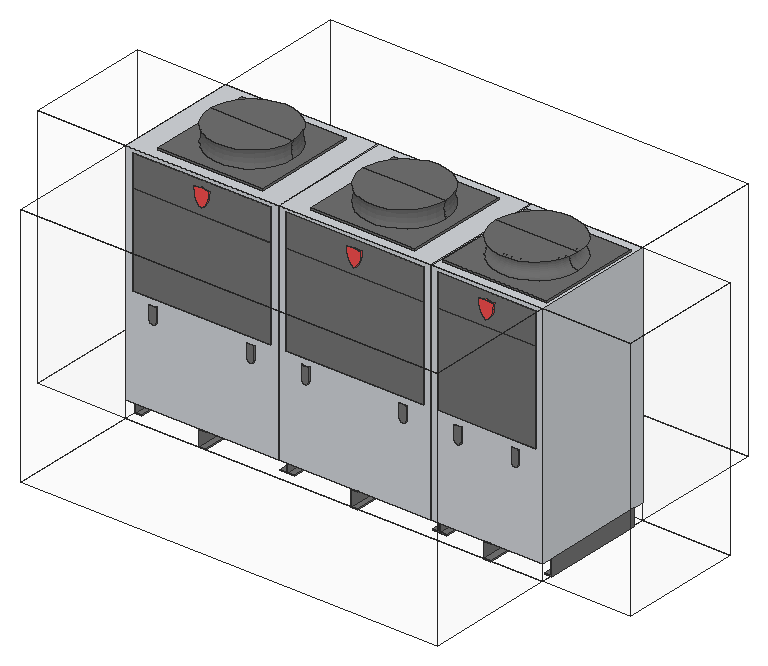
Revit family "Air Source 350,000 BTU", category Mechanical Equipment, Revit 2018
Family settings
  Round Connector Dimension = Use Diameter
  Part Type = Normal
  Work Plane-Based = No
  Always vertical = Yes
  Cut with Voids When Loaded = No
  Shared = No
  Room Calculation Point = No
Parameters (values of type "350,000 BTU")
  WEIGHT = "2,095"
  WATER CONN SIZE = 1 1/2"
  UNIT WIDTH = 41 5/8"
  UNIT LENGTH = 34"
  URL = ""
  SES BIM Studio # = "23 0649 01"
  Manufacturer = "Lochinvar"
  Lbs.R513a = "40"
  Description = "Air Source Heat Pump Water Heater"
  Compressor Type = "Scroll"
  Clearance Right = 24"
  Clearance Rear = 36"
  Clearance Left = 24"
  Clearance Front = 36"
  Clearance [instance] = yes
  BTUH Heating = "332,321"
  Air Volume (CFM) = "7,683"
  440V-480V/3PH/60HZ RLA = "88"
  440V-480V/3PH/60HZ MOCP = "110"
  440V-480V/3PH/60HZ MCA = "110"
Reference planes (in)
  plane 1 "Unit Back": y = 0
  plane 2: z = 0
  plane 3 "Center (Left/Right)": x = 0
  plane 4 "Support Top": z = 4.5
  plane 5 "Unit Body Top": z = 66.75
  plane 6 "Fan Top": z = 71.75
  plane 7 "Fan Center": y = -17
  plane 8 "Unit Front": y = -34
  plane 9 "Unit Body Plate Top": z = 67.25
  plane 10 "Unit Right": x = 20.8125
  plane 11 "Unit Left": x = -20.8125
  plane 12 "Water Inlet Center": z = 7.5
  plane 13 "Water Outlet Center": z = 13.5
  plane 14 "Water Inlet/Outlet Center": x = -1.3125
  plane 15 "Flange Back": y = 4.5
  plane 16 "Pipe Back": y = 4.25
  plane 17 "Support Front": y = -31
  plane 18 "Support Back": y = -3
  plane 19: x = 11.25
  plane 20: x = -11.25
  plane 21: x = -2
  plane 22: x = 2
  plane 23: x = -14.25
  plane 24: x = 14.25
  plane 25: y = -2.75
  plane 26: y = -31.25
  plane 27: y = -70
  plane 28: y = 36
  plane 29: x = 117.0625
  plane 30: x = -44.8125
  plane 31: x = 93.0625
Forms (in)
  Extrusion 1, solid
    sketch origin (0, 0, 4.5) x (-1, 0, 0) y (0, -1, 0)
      loop
        line (20.8125, 0) -> (20.8125, 34) -> (-20.8125, 34) -> (-20.8125, 0) -> (20.8125, 0)
    from 0 to 62.25
  Revolve 2, solid, material "Grille/Fan/Supports"
    sketch origin (0, -17, 0) x (-1, 0, 0) y (0, 0, 1)
      loop
        line (0, 71.75) -> (-11.25, 71.75)
        arc (-11.25, 71.75) -> (-10.8028, 69.5) -> (-11.25, 67.25) r 5.88383
        line (-11.25, 67.25) -> (0, 67.25) -> (0, 71.75)
      axis (0, 71.75) -> (0, 67.25)
    angle from 0 to 360
  Extrusion 3, solid, material "Grille/Fan/Supports"
    sketch origin (0, 0, 66.75) x (-1, 0, 0) y (0, -1, 0)
      loop
        line (14.25, 2.75) -> (14.25, 31.25) -> (-14.25, 31.25) -> (-14.25, 2.75) -> (14.25, 2.75)
    from 0 to 0.5
  Extrusion 4, solid
    sketch origin (-20.8125, 0, 4.5) x (1, 0, 0) y (0, 0, -1)
      loop
        circle (19.5, -3) r 0.75
      loop
        circle (19.5, -9) r 0.75
    from 0 to 4.25
  Extrusion 5, solid
    sketch origin (-20.8125, 4.25, 4.5) x (1, 0, 0) y (0, 0, -1)
      loop
        circle (19.5, -9) r 2.25
      loop
        circle (19.5, -3) r 2.25
    from 0 to 0.25
  Extrusion 6, solid, material "Grille/Fan/Supports"
    sketch origin (0, -31, 0) x (-1, 0, 0) y (0, 0, 1)
      loop
        line (20.8125, 4.5) -> (18.8125, 4.5) -> (18.8125, 4.3125) -> (20.625, 4.3125) -> (20.625, 0.1875) -> (18.8125, 0.1875) -> (18.8125, 0) -> (20.8125, 0) -> (20.8125, 4.5)
      loop
        line (-20.8125, 4.5) -> (-20.8125, 0) -> (-18.8125, 0) -> (-18.8125, 0.1875) -> (-20.625, 0.1875) -> (-20.625, 4.3125) -> (-18.8125, 4.3125) -> (-18.8125, 4.5) -> (-20.8125, 4.5)
    from 0 to 28
  Extrusion 7, solid, material "Grille/Fan/Supports"
    sketch origin (0, -34, 0) x (-1, 0, 0) y (0, 0, 1)
      loop
        line (1, 4.5) -> (-1, 4.5) -> (-1, 4.3125) -> (0.8125, 4.3125) -> (0.8125, 0.1875) -> (-1, 0.1875) -> (-1, 0) -> (1, 0) -> (1, 4.5)
    from 0 to 34
  Extrusion 8, solid, material "Grille/Fan/Supports"
    sketch origin (20.8125, -34, 4.5) x (-1, 0, 0) y (0, 0, -1)
      loop
        line (35.125, -25.6875) -> (35.125, -22.1875)
        arc (35.125, -22.1875) -> (34.125, -21.1875) -> (33.125, -22.1875) r 1
        line (33.125, -22.1875) -> (33.125, -25.6875) -> (35.125, -25.6875)
      loop
        line (6.5, -25.6875) -> (8.5, -25.6875) -> (8.5, -22.1875)
        arc (8.5, -22.1875) -> (7.5, -21.1875) -> (6.5, -22.1875) r 1
        line (6.5, -22.1875) -> (6.5, -25.6875)
    from 0 to 0.1875
  Extrusion 9, void
    sketch origin (20.8125, -34, 4.5) x (1, 0, 0) y (0, 0, -1)
      loop
        line (-39.625, -52.5) -> (-2, -52.5) -> (-2, -27.5) -> (-39.625, -27.5) -> (-39.625, -52.5)
    from 0 to 1
  Extrusion 10, solid, material "Grille/Fan/Supports"
    sketch origin (20.8125, -33, 4.5) x (-1, 0, 0) y (0, 0, -1)
      loop
        line (39.625, -52.5) -> (39.625, -27.5) -> (2, -27.5) -> (2, -52.5) -> (39.625, -52.5)
    from 0 to 1
  Extrusion 11, void
    sketch origin (20.8125, -34, 4.5) x (1, 0, 0) y (0, 0, -1)
      loop
        line (-39.625, -61.25) -> (-2, -61.25) -> (-2, -52.5) -> (-39.625, -52.5) -> (-39.625, -61.25)
    from 0 to 1
  Extrusion 12, solid, material "Grille/Fan/Supports"
    sketch origin (20.8125, -33, 4.5) x (-1, 0, 0) y (0, 0, -1)
      loop
        line (39.625, -61.25) -> (39.625, -52.5) -> (2, -52.5) -> (2, -61.25) -> (39.625, -61.25)
    from 0 to 1
  Extrusion 13, solid, material "Logo"
    sketch origin (20.8125, -34, 4.5) x (-1, 0, 0) y (0, 0, -1)
      loop
        line (20.8125, -59.375) -> (22.8125, -59.02235) -> (22.71994, -57.53655)
        arc (22.71994, -57.53655) -> (22.1536, -55.72206) -> (20.8125, -54.375) r 3.99308
        arc (20.8125, -54.375) -> (19.4714, -55.72206) -> (18.90506, -57.53655) r 3.99308
        line (18.90506, -57.53655) -> (18.8125, -59.02235) -> (20.8125, -59.375)
    from 0 to 0.25
  Extrusion 14, solid, material "Clearance", visible <- "Clearance"
    sketch origin (0, 0, 0) x (1, 0, 0) y (0, 1, 0)
      loop
        line (-44.8125, 0) -> (-44.8125, -34) -> (-20.8125, -34) -> (-20.8125, 0) -> (-44.8125, 0)
    from 0 to 66.75
  Extrusion 15, solid, material "Clearance", visible <- "Clearance"
    sketch origin (0, 0, 0) x (1, 0, 0) y (0, 1, 0)
      loop
        line (-20.8125, -34) -> (-20.8125, -70) -> (93.0625, -70) -> (93.0625, -34) -> (-20.8125, -34)
    from 0 to 66.75
  Extrusion 16, solid, material "Clearance", visible <- "Clearance"
    sketch origin (0, 0, 0) x (1, 0, 0) y (0, 1, 0)
      loop
        line (-20.8125, 0) -> (93.0625, 0) -> (93.0625, 36) -> (-20.8125, 36) -> (-20.8125, 0)
    from 0 to 66.75
  Extrusion 17, solid, material "Clearance", visible <- "Clearance"
    sketch origin (0, 0, 0) x (1, 0, 0) y (0, 1, 0)
      loop
        line (93.0625, 0) -> (93.0625, -34) -> (117.0625, -34) -> (117.0625, 0) -> (93.0625, 0)
    from 0 to 66.75
Cuts and joins
  Extrusion 9, Extrusion 11 cuts Extrusion 1
  Extrusion 11 cuts Extrusion 10
Lines and regions (in)
  model lines
    curve 1: line (-20.8125, -34, 65.75) -> (20.8125, -34, 65.75)
    curve 2: line (-18.8125, -34, 65.75) -> (-18.8125, -34, 4.5)
    curve 3: line (18.8125, -34, 65.75) -> (18.8125, -34, 4.5)
    curve 4: line (20.8125, -34, 65.75) -> (20.8125, 0, 65.75)
    curve 5: line (20.8125, 0, 65.75) -> (-20.8125, 0, 65.75)
    curve 6: line (-20.8125, 0, 65.75) -> (-20.8125, -34, 65.75)
    curve 7: line (20.8125, -32, 65.75) -> (20.8125, -32, 4.5)
    curve 8: line (20.8125, -2, 65.75) -> (20.8125, -2, 4.5)
    curve 9: line (-20.8125, -32, 65.75) -> (-20.8125, -32, 4.5)
    curve 10: line (-20.8125, -2, 65.75) -> (-20.8125, -2, 4.5)
    curve 11: line (-18.8125, -34, 31) -> (18.8125, -34, 31)
Dimensions and locks (in)
  equal spacing: plane 1 "Unit Back", plane 7 "Fan Center", plane 8 "Unit Front"
  equal spacing: plane 11 "Unit Left", plane 3 "Center (Left/Right)", plane 10 "Unit Right"
  "UNIT WIDTH": plane 11 "Unit Left" to plane 10 "Unit Right"
  "UNIT LENGTH": plane 8 "Unit Front" to plane 1 "Unit Back"
  equal spacing: plane 20, plane 3 "Center (Left/Right)", plane 19
  locked: plane 20 to plane 19 at 22.5
  equal spacing: plane 21, plane 3 "Center (Left/Right)", plane 22
  locked: plane 21 to plane 22 at 4
  equal spacing: plane 23, plane 3 "Center (Left/Right)", plane 24
  locked: plane 23 to plane 24 at 28.5
  equal spacing: plane 26, plane 7 "Fan Center", plane 25
  locked: plane 26 to plane 25 at 28.5
  locked: plane 17 "Support Front" to plane 8 "Unit Front" at 3
  "Clearance Front": plane 8 "Unit Front" to plane 27
  "Clearance Left": plane 30 to plane 11 "Unit Left"
  "Clearance Rear": plane 1 "Unit Back" to plane 28
  "Clearance Right": plane 31 to plane 29
  locked: plane 3 "Center (Left/Right)" to plane 31 at 93.0625
  aligned and locked: plane 2 to level
  aligned and locked: plane 5 "Unit Body Top" to Extrusion 1
  aligned and locked: plane 1 "Unit Back" to Extrusion 1 sketch curve
  aligned and locked: plane 8 "Unit Front" to Extrusion 1 sketch curve
  aligned and locked: Revolve 2 sketch curve to plane 6 "Fan Top"
  aligned and locked: Revolve 2 sketch curve to plane 9 "Unit Body Plate Top"
  aligned and locked: Extrusion 1 sketch curve to plane 11 "Unit Left"
  aligned and locked: plane 10 "Unit Right" to Extrusion 1 sketch curve
  aligned and locked: plane 14 "Water Inlet/Outlet Center" to Extrusion 4 sketch curve  (x2)
  aligned and locked: plane 12 "Water Inlet Center" to Extrusion 4 sketch curve
  aligned and locked: plane 13 "Water Outlet Center" to Extrusion 4 sketch curve
  aligned and locked: plane 16 "Pipe Back" to Extrusion 4
  aligned and locked: plane 14 "Water Inlet/Outlet Center" to Extrusion 5 sketch curve  (x2)
  aligned and locked: plane 13 "Water Outlet Center" to Extrusion 5 sketch curve
  aligned and locked: plane 12 "Water Inlet Center" to Extrusion 5 sketch curve
  aligned and locked: Extrusion 5 to Extrusion 4
  aligned and locked: plane 18 "Support Back" to Extrusion 6
  aligned and locked: Extrusion 7 to plane 1 "Unit Back"
  aligned and locked: Extrusion 10 sketch curve to cut or joined group of Extrusion 1, Extrusion 9, Extrusion 11  (x2)
  aligned and locked: Extrusion 12 sketch curve to cut or joined group of Extrusion 1, Extrusion 9, Extrusion 11
  aligned and locked: Extrusion 12 sketch curve to curve 2
  aligned and locked: Extrusion 12 sketch curve to cut or joined group of Extrusion 10, Extrusion 11
  aligned and locked: plane 22 to Extrusion 13 sketch curve
  aligned and locked: Extrusion 3 sketch curve to plane 23
  aligned and locked: plane 24 to Extrusion 3 sketch curve
  aligned and locked: plane 25 to Extrusion 3 sketch curve
  aligned and locked: Extrusion 3 sketch curve to plane 26
  aligned and locked: Extrusion 6 to plane 17 "Support Front"
  aligned and locked: plane 1 "Unit Back" to Extrusion 14 sketch curve
  aligned and locked: Extrusion 14 sketch curve to plane 30
  aligned and locked: Extrusion 14 sketch curve to cut or joined group of Extrusion 1, Extrusion 9, Extrusion 11  (x2)
  aligned and locked: Extrusion 15 sketch curve to cut or joined group of Extrusion 1, Extrusion 9, Extrusion 11
  aligned and locked: Extrusion 15 sketch curve to plane 11 "Unit Left"
  aligned and locked: Extrusion 16 sketch curve to cut or joined group of Extrusion 1, Extrusion 9, Extrusion 11  (x2)
  aligned and locked: Extrusion 16 sketch curve to plane 28
  aligned and locked: Extrusion 16 sketch curve to plane 31
  aligned and locked: plane 31 to Extrusion 15 sketch curve
  aligned and locked: Extrusion 15 sketch curve to plane 27
  aligned and locked: Extrusion 16 to Extrusion 17 sketch curve
  aligned and locked: Extrusion 17 sketch curve to Extrusion 16
  aligned and locked: Extrusion 17 sketch curve to plane 8 "Unit Front"
  aligned and locked: plane 29 to Extrusion 17 sketch curve
Automatic sketch dimensions
  curve 1 to Extrusion 1 = 0"  (x2)
  curve 3 to Extrusion 1 = 0"
  curve 2 to Extrusion 1 = 0"
  Extrusion 1 to curve 2 = 1"
  Extrusion 1 to curve 2 = 2"
  Extrusion 1 to curve 11 = 26 1/2"
  curve 4 to Extrusion 1 = 0"  (x2)
  curve 8 to Extrusion 1 = 0"
  curve 7 to Extrusion 1 = 0"
  curve 4 to curve 8 = 2"
  Extrusion 1 to curve 7 = 2"
  Extrusion 1 to curve 4 = 1"
  Extrusion 1 to curve 5 = 0"
  curve 5 to Extrusion 1 = 0"
  Extrusion 1 to curve 5 = 1"
  curve 6 to Extrusion 1 = 0"  (x2)
  curve 9 to Extrusion 1 = 0"
  curve 10 to Extrusion 1 = 0"
  curve 6 to curve 9 = 2"
  curve 10 to curve 6 = 2"
  Extrusion 1 to curve 6 = 1"
  level to Extrusion 7 sketch curve = 4 1/2"
  Extrusion 7 sketch curve to plane 14 "Water Inlet/Outlet Center" = 2 5/16"
  Extrusion 7 sketch curve to Extrusion 7 sketch curve = 0"
  Extrusion 7 sketch curve to Extrusion 7 sketch curve = 1 13/16"
  Extrusion 7 sketch curve to Extrusion 7 sketch curve = 3/16"  (x3)
  Extrusion 7 sketch curve to Extrusion 7 sketch curve = 4 1/8"
  Extrusion 6 sketch curve to plane 4 "Support Top" = 0"  (x2)
  plane 10 "Unit Right" to Extrusion 6 sketch curve = 0"
  Extrusion 6 sketch curve to level = 0"  (x2)
  plane 11 "Unit Left" to Extrusion 6 sketch curve = 0"
  plane 10 "Unit Right" to Extrusion 6 sketch curve = 3/16"
  Extrusion 6 sketch curve to Extrusion 6 sketch curve = 1 13/16"  (x2)
  level to Extrusion 6 sketch curve = 3/16"  (x2)
  Extrusion 6 sketch curve to plane 11 "Unit Left" = 2"  (x2)
  Extrusion 6 sketch curve to plane 11 "Unit Left" = 3/16"
  Extrusion 6 sketch curve to plane 4 "Support Top" = 3/16"  (x2)
  Extrusion 8 sketch curve to Extrusion 1 = 6 1/2"
  Extrusion 8 sketch curve to Extrusion 8 sketch curve = 1"  (x2)
  Extrusion 1 to Extrusion 8 sketch curve = 8 1/2"
  Extrusion 1 to Extrusion 8 sketch curve = 25 11/16"
  Extrusion 8 sketch curve to Extrusion 8 sketch curve = 0"
  Extrusion 8 sketch curve to Extrusion 8 sketch curve = 3 1/2"  (x2)
  curve 3 to Extrusion 1 = 2"
  plane 19 to Revolve 2 sketch curve = 0"  (x2)
  Revolve 2 sketch curve to plane 3 "Center (Left/Right)" = 0"  (x2)
  plane 10 "Unit Right" to Revolve 2 sketch curve = 4.12587"
  Revolve 2 sketch curve to plane 5 "Unit Body Top" = 5"
  plane 6 "Fan Top" to Revolve 2 sketch curve = 12"
  Extrusion 11 sketch curve to Extrusion 1 = 2"
  Extrusion 1 to Extrusion 11 sketch curve = 2"
  Extrusion 11 sketch curve to Extrusion 1 = 1"
  Extrusion 11 sketch curve to Extrusion 11 sketch curve = 8 3/4"
  Extrusion 9 sketch curve to Extrusion 1 = 2"
  Extrusion 1 to Extrusion 9 sketch curve = 2"
  Extrusion 9 sketch curve to Extrusion 1 = 9 3/4"
  Extrusion 9 sketch curve to Extrusion 9 sketch curve = 25"
  Extrusion 12 sketch curve to Extrusion 9 = 0"
  Extrusion 13 sketch curve to Extrusion 13 sketch curve = 0.07791"
  Extrusion 13 sketch curve to Extrusion 12 = 3.71345"  (x2)
  Extrusion 13 sketch curve to Extrusion 13 sketch curve = 0.17048"  (x2)
  Extrusion 13 sketch curve to Extrusion 13 sketch curve = 1.90744"
  Extrusion 13 sketch curve to Extrusion 12 = 2.22765"
  Extrusion 13 sketch curve to Extrusion 13 sketch curve = 0.09256"
  Extrusion 13 sketch curve to Extrusion 13 sketch curve = 0.35265"
  Extrusion 13 sketch curve to Extrusion 13 sketch curve = 1.23752"
  Extrusion 13 sketch curve to Extrusion 13 sketch curve = 2"
  Extrusion 13 sketch curve to Extrusion 13 sketch curve = 1.48579"
  Extrusion 13 sketch curve to Extrusion 13 sketch curve = 0.24828"
  Extrusion 10 sketch curve to Extrusion 9 = 0"  (x2)
  radius of Extrusion 4 sketch curve = 3/4"  (x2)
  radius of Extrusion 5 sketch curve = 2 1/4"  (x2)
Nested families (in)
  nested 1: "Air Source 60,000 BTU" at (77.75, 0, 0), type "60,000 BTU"
    with Clearance no
  nested 2: "Air Source 140,000 BTU" at (41.625, 0, 0), type "140,000 BTU"
    with Clearance no
Connectors (in)
  piping at (-1.3125, 4.5, 13.5), diameter 1.5, driven by "WATER CONN SIZE"
    settings: on Extrusion 5, index 1, connector inside diameter 24", connector length 0", flow factor 0, pipe flow 0 GPM, pressure drop 0.00 psi, fitting loss kfactor 0, connector angle 0.00°, fixture units 0, engagement length 0", angle of deflection 0.00°, flow configuration 0, flow direction 2, fitting loss method 0, system type 29, joint type 0, gender type 0, connector reference index -1, connector utility 0, adjustable connector no, is connector primary yes, connector description "Water Out"
  piping at (-1.3125, 4.5, 7.5), diameter 1.5, driven by "WATER CONN SIZE"
    settings: on Extrusion 5, index 2, connector inside diameter 24", connector length 0", flow factor 0, pipe flow 0 GPM, pressure drop 0.00 psi, fitting loss kfactor 0, connector angle 0.00°, fixture units 0, engagement length 0", angle of deflection 0.00°, flow configuration 0, flow direction 1, fitting loss method 0, system type 29, joint type 0, gender type 0, connector reference index -1, connector utility 0, adjustable connector no, is connector primary no, connector description "Water In"
  piping at (76.4375, 4.5, 7.5), diameter 1.5, driven by "WATER CONN SIZE"
    settings: on nested 1, index 3, connector inside diameter 24", connector length 0", flow factor 0, pipe flow 0 GPM, pressure drop 0.00 psi, fitting loss kfactor 0, connector angle 0.00°, fixture units 0, engagement length 0", angle of deflection 0.00°, flow configuration 0, flow direction 1, fitting loss method 0, system type 29, joint type 0, gender type 0, connector reference index -1, connector utility 0, adjustable connector no, is connector primary no, connector description "Water In"
  piping at (76.4375, 4.5, 13.5), diameter 1.5, driven by "WATER CONN SIZE"
    settings: on nested 1, index 4, connector inside diameter 24", connector length 0", flow factor 0, pipe flow 0 GPM, pressure drop 0.00 psi, fitting loss kfactor 0, connector angle 0.00°, fixture units 0, engagement length 0", angle of deflection 0.00°, flow configuration 0, flow direction 2, fitting loss method 0, system type 29, joint type 0, gender type 0, connector reference index -1, connector utility 0, adjustable connector no, is connector primary no, connector description "Water Out"
  piping at (40.3125, 4.5, 7.5), diameter 1.5, driven by "WATER CONN SIZE"
    settings: on nested 2, index 5, connector inside diameter 24", connector length 0", flow factor 0, pipe flow 0 GPM, pressure drop 0.00 psi, fitting loss kfactor 0, connector angle 0.00°, fixture units 0, engagement length 0", angle of deflection 0.00°, flow configuration 0, flow direction 1, fitting loss method 0, system type 29, joint type 0, gender type 0, connector reference index -1, connector utility 0, adjustable connector no, is connector primary no, connector description "Water In"
  piping at (40.3125, 4.5, 13.5), diameter 1.5, driven by "WATER CONN SIZE"
    settings: on nested 2, index 6, connector inside diameter 24", connector length 0", flow factor 0, pipe flow 0 GPM, pressure drop 0.00 psi, fitting loss kfactor 0, connector angle 0.00°, fixture units 0, engagement length 0", angle of deflection 0.00°, flow configuration 0, flow direction 2, fitting loss method 0, system type 29, joint type 0, gender type 0, connector reference index -1, connector utility 0, adjustable connector no, is connector primary no, connector description "Water Out"
Definition of nested family "Air Source 60,000 BTU"
  Parameters (values of type "60,000 BTU")
    WEIGHT = "561"
    WATER CONN SIZE = 1 1/2"
    UNIT WIDTH = 30 5/8"
    UNIT LENGTH = 34"
    URL = ""
    SES BIM Studio # = "XX XXXX XX"
    Manufacturer = "Lochinvar"
    Lbs.R513a = "12"
    Description = "Air Source Heat Pump Water Heater"
    Compressor Type = "Scroll"
    Clearance Right = 24"
    Clearance Rear = 36"
    Clearance Left = 24"
    Clearance Front = 36"
    Clearance [instance] = yes
    BTUH Heating = "60,527"
    Air Volume (CFM) = "7,683"
    440V-480V/3PH/60HZ RLA = "18"
    440V-480V/3PH/60HZ MOCP = "25"
    440V-480V/3PH/60HZ MCA = "22.5"
  Reference planes (in)
    plane 1 "Unit Back": y = 0
    plane 2: z = 0
    plane 3 "Center (Left/Right)": x = 0
    plane 4 "Support Top": z = 4.5
    plane 5 "Unit Body Top": z = 66.75
    plane 6 "Fan Top": z = 71.75
    plane 7 "Fan Center": y = -17
    plane 8 "Unit Front": y = -34
    plane 9 "Unit Body Plate Top": z = 67.25
    plane 10 "Unit Right": x = 15.3125
    plane 11 "Unit Left": x = -15.3125
    plane 12 "Water Inlet Center": z = 7.5
    plane 13 "Water Outlet Center": z = 13.5
    plane 14 "Water Inlet/Outlet Center": x = -1.3125
    plane 15 "Flange Back": y = 4.5
    plane 16 "Pipe Back": y = 4.25
    plane 17 "Support Front": y = -31
    plane 18 "Support Back": y = -3
    plane 19: x = 11.25
    plane 20: x = -11.25
    plane 21: x = -2
    plane 22: x = 2
    plane 23: x = -14.25
    plane 24: x = 14.25
    plane 25: y = -2.75
    plane 26: y = -31.25
    plane 27: y = -70
    plane 28: y = 36
    plane 29: x = 39.3125
    plane 30: x = -39.3125
  Forms (in)
    Extrusion 1, solid
      sketch origin (0, 0, 4.5) x (-1, 0, 0) y (0, -1, 0)
        loop
          line (15.3125, 0) -> (15.3125, 34) -> (-15.3125, 34) -> (-15.3125, 0) -> (15.3125, 0)
      from 0 to 62.25
    Revolve 2, solid
      sketch origin (0, -17, 0) x (-1, 0, 0) y (0, 0, 1)
        loop
          line (0, 71.75) -> (-11.25, 71.75)
          arc (-11.25, 71.75) -> (-8.93574, 69.5) -> (-11.25, 67.25) r 2.25089
          line (-11.25, 67.25) -> (0, 67.25) -> (0, 71.75)
        axis (0, 71.75) -> (0, 67.25)
      angle from 0 to 360
    Extrusion 3, solid
      sketch origin (0, 0, 66.75) x (-1, 0, 0) y (0, -1, 0)
        loop
          line (14.25, 2.75) -> (14.25, 31.25) -> (-14.25, 31.25) -> (-14.25, 2.75) -> (14.25, 2.75)
      from 0 to 0.5
    Extrusion 4, solid
      sketch origin (-15.3125, 0, 4.5) x (1, 0, 0) y (0, 0, -1)
        loop
          circle (14, -3) r 0.75
        loop
          circle (14, -9) r 0.75
      from 0 to 4.25
    Extrusion 5, solid
      sketch origin (-15.3125, 4.25, 4.5) x (1, 0, 0) y (0, 0, -1)
        loop
          circle (14, -9) r 2.25
        loop
          circle (14, -3) r 2.25
      from 0 to 0.25
    Extrusion 6, solid
      sketch origin (0, -31, 0) x (-1, 0, 0) y (0, 0, 1)
        loop
          line (15.3125, 4.5) -> (13.3125, 4.5) -> (13.3125, 4.3125) -> (15.125, 4.3125) -> (15.125, 0.1875) -> (13.3125, 0.1875) -> (13.3125, 0) -> (15.3125, 0) -> (15.3125, 4.5)
        loop
          line (-15.3125, 4.5) -> (-15.3125, 0) -> (-13.3125, 0) -> (-13.3125, 0.1875) -> (-15.125, 0.1875) -> (-15.125, 4.3125) -> (-13.3125, 4.3125) -> (-13.3125, 4.5) -> (-15.3125, 4.5)
      from 0 to 28
    Extrusion 7, solid
      sketch origin (0, -34, 0) x (-1, 0, 0) y (0, 0, 1)
        loop
          line (1, 4.5) -> (-1, 4.5) -> (-1, 4.3125) -> (0.8125, 4.3125) -> (0.8125, 0.1875) -> (-1, 0.1875) -> (-1, 0) -> (1, 0) -> (1, 4.5)
      from 0 to 34
    Extrusion 8, solid
      sketch origin (15.3125, -34, 4.5) x (-1, 0, 0) y (0, 0, -1)
        loop
          line (24.125, -25.6875) -> (24.125, -22.1875)
          arc (24.125, -22.1875) -> (23.125, -21.1875) -> (22.125, -22.1875) r 1
          line (22.125, -22.1875) -> (22.125, -25.6875) -> (24.125, -25.6875)
        loop
          line (6.5, -25.6875) -> (8.5, -25.6875) -> (8.5, -22.1875)
          arc (8.5, -22.1875) -> (7.5, -21.1875) -> (6.5, -22.1875) r 1
          line (6.5, -22.1875) -> (6.5, -25.6875)
      from 0 to 0.1875
    Extrusion 9, void
      sketch origin (15.3125, -34, 4.5) x (1, 0, 0) y (0, 0, -1)
        loop
          line (-28.625, -52.5) -> (-2, -52.5) -> (-2, -27.5) -> (-28.625, -27.5) -> (-28.625, -52.5)
      from 0 to 1
    Extrusion 10, solid
      sketch origin (15.3125, -33, 4.5) x (-1, 0, 0) y (0, 0, -1)
        loop
          line (28.625, -52.5) -> (28.625, -27.5) -> (2, -27.5) -> (2, -52.5) -> (28.625, -52.5)
      from 0 to 1
    Extrusion 11, void
      sketch origin (15.3125, -34, 4.5) x (1, 0, 0) y (0, 0, -1)
        loop
          line (-28.625, -61.25) -> (-2, -61.25) -> (-2, -52.5) -> (-28.625, -52.5) -> (-28.625, -61.25)
      from 0 to 1
    Extrusion 12, solid
      sketch origin (15.3125, -33, 4.5) x (-1, 0, 0) y (0, 0, -1)
        loop
          line (28.625, -61.25) -> (28.625, -52.5) -> (2, -52.5) -> (2, -61.25) -> (28.625, -61.25)
      from 0 to 1
    Extrusion 13, solid
      sketch origin (15.3125, -34, 4.5) x (-1, 0, 0) y (0, 0, -1)
        loop
          line (15.3125, -59.375) -> (17.3125, -59.02235) -> (17.21994, -57.53655)
          arc (17.21994, -57.53655) -> (16.6536, -55.72206) -> (15.3125, -54.375) r 3.99308
          arc (15.3125, -54.375) -> (13.9714, -55.72206) -> (13.40506, -57.53655) r 3.99308
          line (13.40506, -57.53655) -> (13.3125, -59.02235) -> (15.3125, -59.375)
      from 0 to 0.25
    Extrusion 14, solid, visible <- "Clearance"
      sketch origin (0, 0, 0) x (1, 0, 0) y (0, 1, 0)
        loop
          line (15.3125, 0) -> (15.3125, -34) -> (39.3125, -34) -> (39.3125, 0) -> (15.3125, 0)
      from 0 to 66.75
    Extrusion 15, solid, visible <- "Clearance"
      sketch origin (0, 0, 0) x (1, 0, 0) y (0, 1, 0)
        loop
          line (-39.3125, 0) -> (-39.3125, -34) -> (-15.3125, -34) -> (-15.3125, 0) -> (-39.3125, 0)
      from 0 to 66.75
    Extrusion 16, solid, visible <- "Clearance"
      sketch origin (0, 0, 0) x (1, 0, 0) y (0, 1, 0)
        loop
          line (-15.3125, -34) -> (-15.3125, -70) -> (15.3125, -70) -> (15.3125, -34) -> (-15.3125, -34)
      from 0 to 66.75
    Extrusion 17, solid, visible <- "Clearance"
      sketch origin (0, 0, 0) x (1, 0, 0) y (0, 1, 0)
        loop
          line (-15.3125, 0) -> (15.3125, 0) -> (15.3125, 36) -> (-15.3125, 36) -> (-15.3125, 0)
      from 0 to 66.75
  Cuts and joins
    Extrusion 9, Extrusion 11 cuts Extrusion 1
    Extrusion 11 cuts Extrusion 10
  Lines and regions (in)
    model lines
      curve 1: line (-15.3125, -34, 65.75) -> (15.3125, -34, 65.75)
      curve 2: line (-13.3125, -34, 65.75) -> (-13.3125, -34, 4.5)
      curve 3: line (13.3125, -34, 65.75) -> (13.3125, -34, 4.5)
      curve 4: line (15.3125, -34, 65.75) -> (15.3125, 0, 65.75)
      curve 5: line (15.3125, 0, 65.75) -> (-15.3125, 0, 65.75)
      curve 6: line (-15.3125, 0, 65.75) -> (-15.3125, -34, 65.75)
      curve 7: line (15.3125, -32, 65.75) -> (15.3125, -32, 4.5)
      curve 8: line (15.3125, -2, 65.75) -> (15.3125, -2, 4.5)
      curve 9: line (-15.3125, -32, 65.75) -> (-15.3125, -32, 4.5)
      curve 10: line (-15.3125, -2, 65.75) -> (-15.3125, -2, 4.5)
      curve 11: line (-13.3125, -34, 31) -> (13.3125, -34, 31)
  Dimensions and locks (in)
    equal spacing: plane 1 "Unit Back", plane 7 "Fan Center", plane 8 "Unit Front"
    equal spacing: plane 11 "Unit Left", plane 3 "Center (Left/Right)", plane 10 "Unit Right"
    "UNIT WIDTH": plane 11 "Unit Left" to plane 10 "Unit Right"
    "UNIT LENGTH": plane 8 "Unit Front" to plane 1 "Unit Back"
    equal spacing: plane 20, plane 3 "Center (Left/Right)", plane 19
    locked: plane 20 to plane 19 at 22.5
    equal spacing: plane 21, plane 3 "Center (Left/Right)", plane 22
    locked: plane 21 to plane 22 at 4
    equal spacing: plane 23, plane 3 "Center (Left/Right)", plane 24
    locked: plane 23 to plane 24 at 28.5
    equal spacing: plane 26, plane 7 "Fan Center", plane 25
    locked: plane 26 to plane 25 at 28.5
    locked: plane 17 "Support Front" to plane 8 "Unit Front" at 3
    "Clearance Front": plane 8 "Unit Front" to plane 27
    "Clearance Left": plane 30 to plane 11 "Unit Left"
    "Clearance Right": plane 10 "Unit Right" to plane 29
    "Clearance Rear": plane 1 "Unit Back" to plane 28
    aligned and locked: plane 2 to level
    aligned and locked: plane 5 "Unit Body Top" to Extrusion 1
    aligned and locked: plane 1 "Unit Back" to Extrusion 1 sketch curve
    aligned and locked: plane 8 "Unit Front" to Extrusion 1 sketch curve
    aligned and locked: Revolve 2 sketch curve to plane 6 "Fan Top"
    aligned and locked: Revolve 2 sketch curve to plane 9 "Unit Body Plate Top"
    aligned and locked: Extrusion 1 sketch curve to plane 11 "Unit Left"
    aligned and locked: plane 10 "Unit Right" to Extrusion 1 sketch curve
    aligned and locked: plane 14 "Water Inlet/Outlet Center" to Extrusion 4 sketch curve  (x2)
    aligned and locked: plane 12 "Water Inlet Center" to Extrusion 4 sketch curve
    aligned and locked: plane 13 "Water Outlet Center" to Extrusion 4 sketch curve
    aligned and locked: plane 16 "Pipe Back" to Extrusion 4
    aligned and locked: plane 14 "Water Inlet/Outlet Center" to Extrusion 5 sketch curve  (x2)
    aligned and locked: plane 13 "Water Outlet Center" to Extrusion 5 sketch curve
    aligned and locked: plane 12 "Water Inlet Center" to Extrusion 5 sketch curve
    aligned and locked: Extrusion 5 to Extrusion 4
    aligned and locked: plane 18 "Support Back" to Extrusion 6
    aligned and locked: Extrusion 7 to plane 1 "Unit Back"
    aligned and locked: Extrusion 10 sketch curve to cut or joined group of Extrusion 1, Extrusion 9, Extrusion 11  (x2)
    aligned and locked: Extrusion 12 sketch curve to cut or joined group of Extrusion 1, Extrusion 9, Extrusion 11
    aligned and locked: Extrusion 12 sketch curve to curve 2
    aligned and locked: Extrusion 12 sketch curve to cut or joined group of Extrusion 10, Extrusion 11
    aligned and locked: plane 22 to Extrusion 13 sketch curve
    aligned and locked: Extrusion 3 sketch curve to plane 23
    aligned and locked: plane 24 to Extrusion 3 sketch curve
    aligned and locked: plane 25 to Extrusion 3 sketch curve
    aligned and locked: Extrusion 3 sketch curve to plane 26
    aligned and locked: Extrusion 6 to plane 17 "Support Front"
    aligned and locked: Extrusion 14 sketch curve to cut or joined group of Extrusion 1, Extrusion 9, Extrusion 11  (x2)
    aligned and locked: plane 8 "Unit Front" to Extrusion 14 sketch curve
    aligned and locked: plane 29 to Extrusion 14 sketch curve
    aligned and locked: plane 1 "Unit Back" to Extrusion 15 sketch curve
    aligned and locked: Extrusion 15 sketch curve to plane 30
    aligned and locked: Extrusion 15 sketch curve to cut or joined group of Extrusion 1, Extrusion 9, Extrusion 11  (x2)
    aligned and locked: Extrusion 16 sketch curve to cut or joined group of Extrusion 1, Extrusion 9, Extrusion 11
    aligned and locked: Extrusion 16 sketch curve to plane 11 "Unit Left"
    aligned and locked: plane 27 to Extrusion 16 sketch curve
    aligned and locked: plane 10 "Unit Right" to Extrusion 16 sketch curve
    aligned and locked: Extrusion 17 sketch curve to cut or joined group of Extrusion 1, Extrusion 9, Extrusion 11  (x2)
    aligned and locked: plane 28 to Extrusion 17 sketch curve
    aligned and locked: Extrusion 17 sketch curve to plane 10 "Unit Right"
  Automatic sketch dimensions
    curve 1 to Extrusion 1 = 0"  (x2)
    curve 3 to Extrusion 1 = 0"
    curve 2 to Extrusion 1 = 0"
    Extrusion 1 to curve 2 = 1"
    Extrusion 1 to curve 2 = 2"
    Extrusion 1 to curve 11 = 26 1/2"
    curve 4 to Extrusion 1 = 0"  (x2)
    curve 8 to Extrusion 1 = 0"
    curve 7 to Extrusion 1 = 0"
    curve 4 to curve 8 = 2"
    Extrusion 1 to curve 7 = 2"
    Extrusion 1 to curve 4 = 1"
    Extrusion 1 to curve 5 = 0"
    curve 5 to Extrusion 1 = 0"
    Extrusion 1 to curve 5 = 1"
    curve 6 to Extrusion 1 = 0"  (x2)
    curve 9 to Extrusion 1 = 0"
    curve 10 to Extrusion 1 = 0"
    curve 6 to curve 9 = 2"
    curve 10 to curve 6 = 2"
    Extrusion 1 to curve 6 = 1"
    level to Extrusion 7 sketch curve = 4 1/2"
    Extrusion 7 sketch curve to plane 14 "Water Inlet/Outlet Center" = 2 5/16"
    Extrusion 7 sketch curve to Extrusion 7 sketch curve = 0"
    Extrusion 7 sketch curve to Extrusion 7 sketch curve = 1 13/16"
    Extrusion 7 sketch curve to Extrusion 7 sketch curve = 3/16"  (x3)
    Extrusion 7 sketch curve to Extrusion 7 sketch curve = 4 1/8"
    Extrusion 6 sketch curve to plane 4 "Support Top" = 0"  (x2)
    plane 10 "Unit Right" to Extrusion 6 sketch curve = 0"
    Extrusion 6 sketch curve to level = 0"  (x2)
    plane 11 "Unit Left" to Extrusion 6 sketch curve = 0"
    plane 10 "Unit Right" to Extrusion 6 sketch curve = 3/16"
    Extrusion 6 sketch curve to Extrusion 6 sketch curve = 1 13/16"  (x2)
    level to Extrusion 6 sketch curve = 3/16"  (x2)
    Extrusion 6 sketch curve to plane 11 "Unit Left" = 2"  (x2)
    Extrusion 6 sketch curve to plane 11 "Unit Left" = 3/16"
    Extrusion 6 sketch curve to plane 4 "Support Top" = 3/16"  (x2)
    Extrusion 8 sketch curve to Extrusion 1 = 6 1/2"
    Extrusion 8 sketch curve to Extrusion 8 sketch curve = 1"  (x2)
    Extrusion 1 to Extrusion 8 sketch curve = 8 1/2"
    Extrusion 1 to Extrusion 8 sketch curve = 25 11/16"
    Extrusion 8 sketch curve to Extrusion 8 sketch curve = 0"
    Extrusion 8 sketch curve to Extrusion 8 sketch curve = 3 1/2"  (x2)
    curve 3 to Extrusion 1 = 2"
    plane 19 to Revolve 2 sketch curve = 0"  (x2)
    Revolve 2 sketch curve to plane 3 "Center (Left/Right)" = 0"  (x2)
    plane 10 "Unit Right" to Revolve 2 sketch curve = 4.12587"
    Revolve 2 sketch curve to plane 5 "Unit Body Top" = 5"
    plane 6 "Fan Top" to Revolve 2 sketch curve = 12"
    Extrusion 11 sketch curve to Extrusion 1 = 2"
    Extrusion 1 to Extrusion 11 sketch curve = 2"
    Extrusion 11 sketch curve to Extrusion 1 = 1"
    Extrusion 11 sketch curve to Extrusion 11 sketch curve = 8 3/4"
    Extrusion 9 sketch curve to Extrusion 1 = 2"
    Extrusion 1 to Extrusion 9 sketch curve = 2"
    Extrusion 9 sketch curve to Extrusion 1 = 9 3/4"
    Extrusion 9 sketch curve to Extrusion 9 sketch curve = 25"
    Extrusion 12 sketch curve to Extrusion 9 = 0"
    Extrusion 13 sketch curve to Extrusion 13 sketch curve = 0.07791"
    Extrusion 13 sketch curve to Extrusion 12 = 3.71345"  (x2)
    Extrusion 13 sketch curve to Extrusion 13 sketch curve = 0.17048"  (x2)
    Extrusion 13 sketch curve to Extrusion 13 sketch curve = 1.90744"
    Extrusion 13 sketch curve to Extrusion 12 = 2.22765"
    Extrusion 13 sketch curve to Extrusion 13 sketch curve = 0.09256"
    Extrusion 13 sketch curve to Extrusion 13 sketch curve = 0.35265"
    Extrusion 13 sketch curve to Extrusion 13 sketch curve = 1.23752"
    Extrusion 13 sketch curve to Extrusion 13 sketch curve = 2"
    Extrusion 13 sketch curve to Extrusion 13 sketch curve = 1.48579"
    Extrusion 13 sketch curve to Extrusion 13 sketch curve = 0.24828"
    Extrusion 10 sketch curve to Extrusion 9 = 0"  (x2)
    radius of Extrusion 4 sketch curve = 3/4"  (x2)
    radius of Extrusion 5 sketch curve = 2 1/4"  (x2)
  Connectors (in)
    piping at (-1.3125, 4.5, 13.5), diameter 1.5, driven by "WATER CONN SIZE"
      settings: on Extrusion 5, index 1, connector inside diameter 24", connector length 0", flow factor 0, pipe flow 0 GPM, pressure drop 0.00 psi, fitting loss kfactor 0, connector angle 0.00°, fixture units 0, engagement length 0", angle of deflection 0.00°, flow configuration 0, flow direction 2, fitting loss method 0, system type 29, joint type 0, gender type 0, connector reference index -1, connector utility 0, adjustable connector no, is connector primary yes, connector description "Water Out"
    piping at (-1.3125, 4.5, 7.5), diameter 1.5, driven by "WATER CONN SIZE"
      settings: on Extrusion 5, index 2, connector inside diameter 24", connector length 0", flow factor 0, pipe flow 0 GPM, pressure drop 0.00 psi, fitting loss kfactor 0, connector angle 0.00°, fixture units 0, engagement length 0", angle of deflection 0.00°, flow configuration 0, flow direction 1, fitting loss method 0, system type 29, joint type 0, gender type 0, connector reference index -1, connector utility 0, adjustable connector no, is connector primary no, connector description "Water In"
Definition of nested family "Air Source 140,000 BTU"
  Parameters (values of type "140,000 BTU")
    WEIGHT = "767"
    WATER CONN SIZE = 1 1/2"
    UNIT WIDTH = 41 5/8"
    UNIT LENGTH = 34"
    URL = ""
    SES BIM Studio # = "XX XXXX XX"
    Manufacturer = "Lochinvar"
    Lbs.R513a = "14"
    Description = "Air Source Heat Pump Water Heater"
    Compressor Type = "Scroll"
    Clearance Right = 24"
    Clearance Rear = 36"
    Clearance Left = 24"
    Clearance Front = 36"
    Clearance [instance] = yes
    BTUH Heating = "135,897"
    Air Volume (CFM) = "7,683"
    440V-480V/3PH/60HZ RLA = "35"
    440V-480V/3PH/60HZ MOCP = "45"
    440V-480V/3PH/60HZ MCA = "43.75"
  Reference planes (in)
    plane 1 "Unit Back": y = 0
    plane 2: z = 0
    plane 3 "Center (Left/Right)": x = 0
    plane 4 "Support Top": z = 4.5
    plane 5 "Unit Body Top": z = 66.75
    plane 6 "Fan Top": z = 71.75
    plane 7 "Fan Center": y = -17
    plane 8 "Unit Front": y = -34
    plane 9 "Unit Body Plate Top": z = 67.25
    plane 10 "Unit Right": x = 20.8125
    plane 11 "Unit Left": x = -20.8125
    plane 12 "Water Inlet Center": z = 7.5
    plane 13 "Water Outlet Center": z = 13.5
    plane 14 "Water Inlet/Outlet Center": x = -1.3125
    plane 15 "Flange Back": y = 4.5
    plane 16 "Pipe Back": y = 4.25
    plane 17 "Support Front": y = -31
    plane 18 "Support Back": y = -3
    plane 19: x = 11.25
    plane 20: x = -11.25
    plane 21: x = -2
    plane 22: x = 2
    plane 23: x = -14.25
    plane 24: x = 14.25
    plane 25: y = -2.75
    plane 26: y = -31.25
    plane 27: y = -70
    plane 28: y = 36
    plane 29: x = 44.8125
    plane 30: x = -44.8125
  Forms (in)
    Extrusion 1, solid
      sketch origin (0, 0, 4.5) x (-1, 0, 0) y (0, -1, 0)
        loop
          line (20.8125, 0) -> (20.8125, 34) -> (-20.8125, 34) -> (-20.8125, 0) -> (20.8125, 0)
      from 0 to 62.25
    Revolve 2, solid
      sketch origin (0, -17, 0) x (-1, 0, 0) y (0, 0, 1)
        loop
          line (0, 71.75) -> (-11.25, 71.75)
          arc (-11.25, 71.75) -> (-10.8028, 69.5) -> (-11.25, 67.25) r 5.88383
          line (-11.25, 67.25) -> (0, 67.25) -> (0, 71.75)
        axis (0, 71.75) -> (0, 67.25)
      angle from 0 to 360
    Extrusion 3, solid
      sketch origin (0, 0, 66.75) x (-1, 0, 0) y (0, -1, 0)
        loop
          line (14.25, 2.75) -> (14.25, 31.25) -> (-14.25, 31.25) -> (-14.25, 2.75) -> (14.25, 2.75)
      from 0 to 0.5
    Extrusion 4, solid
      sketch origin (-20.8125, 0, 4.5) x (1, 0, 0) y (0, 0, -1)
        loop
          circle (19.5, -3) r 0.75
        loop
          circle (19.5, -9) r 0.75
      from 0 to 4.25
    Extrusion 5, solid
      sketch origin (-20.8125, 4.25, 4.5) x (1, 0, 0) y (0, 0, -1)
        loop
          circle (19.5, -9) r 2.25
        loop
          circle (19.5, -3) r 2.25
      from 0 to 0.25
    Extrusion 6, solid
      sketch origin (0, -31, 0) x (-1, 0, 0) y (0, 0, 1)
        loop
          line (20.8125, 4.5) -> (18.8125, 4.5) -> (18.8125, 4.3125) -> (20.625, 4.3125) -> (20.625, 0.1875) -> (18.8125, 0.1875) -> (18.8125, 0) -> (20.8125, 0) -> (20.8125, 4.5)
        loop
          line (-20.8125, 4.5) -> (-20.8125, 0) -> (-18.8125, 0) -> (-18.8125, 0.1875) -> (-20.625, 0.1875) -> (-20.625, 4.3125) -> (-18.8125, 4.3125) -> (-18.8125, 4.5) -> (-20.8125, 4.5)
      from 0 to 28
    Extrusion 7, solid
      sketch origin (0, -34, 0) x (-1, 0, 0) y (0, 0, 1)
        loop
          line (1, 4.5) -> (-1, 4.5) -> (-1, 4.3125) -> (0.8125, 4.3125) -> (0.8125, 0.1875) -> (-1, 0.1875) -> (-1, 0) -> (1, 0) -> (1, 4.5)
      from 0 to 34
    Extrusion 8, solid
      sketch origin (20.8125, -34, 4.5) x (-1, 0, 0) y (0, 0, -1)
        loop
          line (35.125, -25.6875) -> (35.125, -22.1875)
          arc (35.125, -22.1875) -> (34.125, -21.1875) -> (33.125, -22.1875) r 1
          line (33.125, -22.1875) -> (33.125, -25.6875) -> (35.125, -25.6875)
        loop
          line (6.5, -25.6875) -> (8.5, -25.6875) -> (8.5, -22.1875)
          arc (8.5, -22.1875) -> (7.5, -21.1875) -> (6.5, -22.1875) r 1
          line (6.5, -22.1875) -> (6.5, -25.6875)
      from 0 to 0.1875
    Extrusion 9, void
      sketch origin (20.8125, -34, 4.5) x (1, 0, 0) y (0, 0, -1)
        loop
          line (-39.625, -52.5) -> (-2, -52.5) -> (-2, -27.5) -> (-39.625, -27.5) -> (-39.625, -52.5)
      from 0 to 1
    Extrusion 10, solid
      sketch origin (20.8125, -33, 4.5) x (-1, 0, 0) y (0, 0, -1)
        loop
          line (39.625, -52.5) -> (39.625, -27.5) -> (2, -27.5) -> (2, -52.5) -> (39.625, -52.5)
      from 0 to 1
    Extrusion 11, void
      sketch origin (20.8125, -34, 4.5) x (1, 0, 0) y (0, 0, -1)
        loop
          line (-39.625, -61.25) -> (-2, -61.25) -> (-2, -52.5) -> (-39.625, -52.5) -> (-39.625, -61.25)
      from 0 to 1
    Extrusion 12, solid
      sketch origin (20.8125, -33, 4.5) x (-1, 0, 0) y (0, 0, -1)
        loop
          line (39.625, -61.25) -> (39.625, -52.5) -> (2, -52.5) -> (2, -61.25) -> (39.625, -61.25)
      from 0 to 1
    Extrusion 13, solid
      sketch origin (20.8125, -34, 4.5) x (-1, 0, 0) y (0, 0, -1)
        loop
          line (20.8125, -59.375) -> (22.8125, -59.02235) -> (22.71994, -57.53655)
          arc (22.71994, -57.53655) -> (22.1536, -55.72206) -> (20.8125, -54.375) r 3.99308
          arc (20.8125, -54.375) -> (19.4714, -55.72206) -> (18.90506, -57.53655) r 3.99308
          line (18.90506, -57.53655) -> (18.8125, -59.02235) -> (20.8125, -59.375)
      from 0 to 0.25
    Extrusion 14, solid, visible <- "Clearance"
      sketch origin (0, 0, 0) x (1, 0, 0) y (0, 1, 0)
        loop
          line (20.8125, 0) -> (20.8125, -34) -> (44.8125, -34) -> (44.8125, 0) -> (20.8125, 0)
      from 0 to 66.75
    Extrusion 15, solid, visible <- "Clearance"
      sketch origin (0, 0, 0) x (1, 0, 0) y (0, 1, 0)
        loop
          line (-44.8125, 0) -> (-44.8125, -34) -> (-20.8125, -34) -> (-20.8125, 0) -> (-44.8125, 0)
      from 0 to 66.75
    Extrusion 16, solid, visible <- "Clearance"
      sketch origin (0, 0, 0) x (1, 0, 0) y (0, 1, 0)
        loop
          line (-20.8125, -34) -> (-20.8125, -70) -> (20.8125, -70) -> (20.8125, -34) -> (-20.8125, -34)
      from 0 to 66.75
    Extrusion 17, solid, visible <- "Clearance"
      sketch origin (0, 0, 0) x (1, 0, 0) y (0, 1, 0)
        loop
          line (-20.8125, 0) -> (20.8125, 0) -> (20.8125, 36) -> (-20.8125, 36) -> (-20.8125, 0)
      from 0 to 66.75
  Cuts and joins
    Extrusion 9, Extrusion 11 cuts Extrusion 1
    Extrusion 11 cuts Extrusion 10
  Lines and regions (in)
    model lines
      curve 1: line (-20.8125, -34, 65.75) -> (20.8125, -34, 65.75)
      curve 2: line (-18.8125, -34, 65.75) -> (-18.8125, -34, 4.5)
      curve 3: line (18.8125, -34, 65.75) -> (18.8125, -34, 4.5)
      curve 4: line (20.8125, -34, 65.75) -> (20.8125, 0, 65.75)
      curve 5: line (20.8125, 0, 65.75) -> (-20.8125, 0, 65.75)
      curve 6: line (-20.8125, 0, 65.75) -> (-20.8125, -34, 65.75)
      curve 7: line (20.8125, -32, 65.75) -> (20.8125, -32, 4.5)
      curve 8: line (20.8125, -2, 65.75) -> (20.8125, -2, 4.5)
      curve 9: line (-20.8125, -32, 65.75) -> (-20.8125, -32, 4.5)
      curve 10: line (-20.8125, -2, 65.75) -> (-20.8125, -2, 4.5)
      curve 11: line (-18.8125, -34, 31) -> (18.8125, -34, 31)
  Dimensions and locks (in)
    equal spacing: plane 1 "Unit Back", plane 7 "Fan Center", plane 8 "Unit Front"
    equal spacing: plane 11 "Unit Left", plane 3 "Center (Left/Right)", plane 10 "Unit Right"
    "UNIT WIDTH": plane 11 "Unit Left" to plane 10 "Unit Right"
    "UNIT LENGTH": plane 8 "Unit Front" to plane 1 "Unit Back"
    equal spacing: plane 20, plane 3 "Center (Left/Right)", plane 19
    locked: plane 20 to plane 19 at 22.5
    equal spacing: plane 21, plane 3 "Center (Left/Right)", plane 22
    locked: plane 21 to plane 22 at 4
    equal spacing: plane 23, plane 3 "Center (Left/Right)", plane 24
    locked: plane 23 to plane 24 at 28.5
    equal spacing: plane 26, plane 7 "Fan Center", plane 25
    locked: plane 26 to plane 25 at 28.5
    locked: plane 17 "Support Front" to plane 8 "Unit Front" at 3
    "Clearance Front": plane 8 "Unit Front" to plane 27
    "Clearance Left": plane 30 to plane 11 "Unit Left"
    "Clearance Right": plane 10 "Unit Right" to plane 29
    "Clearance Rear": plane 1 "Unit Back" to plane 28
    aligned and locked: plane 2 to level
    aligned and locked: plane 5 "Unit Body Top" to Extrusion 1
    aligned and locked: plane 1 "Unit Back" to Extrusion 1 sketch curve
    aligned and locked: plane 8 "Unit Front" to Extrusion 1 sketch curve
    aligned and locked: Revolve 2 sketch curve to plane 6 "Fan Top"
    aligned and locked: Revolve 2 sketch curve to plane 9 "Unit Body Plate Top"
    aligned and locked: Extrusion 1 sketch curve to plane 11 "Unit Left"
    aligned and locked: plane 10 "Unit Right" to Extrusion 1 sketch curve
    aligned and locked: plane 14 "Water Inlet/Outlet Center" to Extrusion 4 sketch curve  (x2)
    aligned and locked: plane 12 "Water Inlet Center" to Extrusion 4 sketch curve
    aligned and locked: plane 13 "Water Outlet Center" to Extrusion 4 sketch curve
    aligned and locked: plane 16 "Pipe Back" to Extrusion 4
    aligned and locked: plane 14 "Water Inlet/Outlet Center" to Extrusion 5 sketch curve  (x2)
    aligned and locked: plane 13 "Water Outlet Center" to Extrusion 5 sketch curve
    aligned and locked: plane 12 "Water Inlet Center" to Extrusion 5 sketch curve
    aligned and locked: Extrusion 5 to Extrusion 4
    aligned and locked: plane 18 "Support Back" to Extrusion 6
    aligned and locked: Extrusion 7 to plane 1 "Unit Back"
    aligned and locked: Extrusion 10 sketch curve to cut or joined group of Extrusion 1, Extrusion 9, Extrusion 11  (x2)
    aligned and locked: Extrusion 12 sketch curve to cut or joined group of Extrusion 1, Extrusion 9, Extrusion 11
    aligned and locked: Extrusion 12 sketch curve to curve 2
    aligned and locked: Extrusion 12 sketch curve to cut or joined group of Extrusion 10, Extrusion 11
    aligned and locked: plane 22 to Extrusion 13 sketch curve
    aligned and locked: Extrusion 3 sketch curve to plane 23
    aligned and locked: plane 24 to Extrusion 3 sketch curve
    aligned and locked: plane 25 to Extrusion 3 sketch curve
    aligned and locked: Extrusion 3 sketch curve to plane 26
    aligned and locked: Extrusion 6 to plane 17 "Support Front"
    aligned and locked: Extrusion 14 sketch curve to cut or joined group of Extrusion 1, Extrusion 9, Extrusion 11  (x2)
    aligned and locked: plane 8 "Unit Front" to Extrusion 14 sketch curve
    aligned and locked: plane 29 to Extrusion 14 sketch curve
    aligned and locked: plane 1 "Unit Back" to Extrusion 15 sketch curve
    aligned and locked: Extrusion 15 sketch curve to plane 30
    aligned and locked: Extrusion 15 sketch curve to cut or joined group of Extrusion 1, Extrusion 9, Extrusion 11  (x2)
    aligned and locked: Extrusion 16 sketch curve to cut or joined group of Extrusion 1, Extrusion 9, Extrusion 11
    aligned and locked: Extrusion 16 sketch curve to plane 11 "Unit Left"
    aligned and locked: plane 27 to Extrusion 16 sketch curve
    aligned and locked: plane 10 "Unit Right" to Extrusion 16 sketch curve
    aligned and locked: Extrusion 17 sketch curve to cut or joined group of Extrusion 1, Extrusion 9, Extrusion 11  (x2)
    aligned and locked: plane 28 to Extrusion 17 sketch curve
    aligned and locked: Extrusion 17 sketch curve to plane 10 "Unit Right"
  Automatic sketch dimensions
    curve 1 to Extrusion 1 = 0"  (x2)
    curve 3 to Extrusion 1 = 0"
    curve 2 to Extrusion 1 = 0"
    Extrusion 1 to curve 2 = 1"
    Extrusion 1 to curve 2 = 2"
    Extrusion 1 to curve 11 = 26 1/2"
    curve 4 to Extrusion 1 = 0"  (x2)
    curve 8 to Extrusion 1 = 0"
    curve 7 to Extrusion 1 = 0"
    curve 4 to curve 8 = 2"
    Extrusion 1 to curve 7 = 2"
    Extrusion 1 to curve 4 = 1"
    Extrusion 1 to curve 5 = 0"
    curve 5 to Extrusion 1 = 0"
    Extrusion 1 to curve 5 = 1"
    curve 6 to Extrusion 1 = 0"  (x2)
    curve 9 to Extrusion 1 = 0"
    curve 10 to Extrusion 1 = 0"
    curve 6 to curve 9 = 2"
    curve 10 to curve 6 = 2"
    Extrusion 1 to curve 6 = 1"
    level to Extrusion 7 sketch curve = 4 1/2"
    Extrusion 7 sketch curve to plane 14 "Water Inlet/Outlet Center" = 2 5/16"
    Extrusion 7 sketch curve to Extrusion 7 sketch curve = 0"
    Extrusion 7 sketch curve to Extrusion 7 sketch curve = 1 13/16"
    Extrusion 7 sketch curve to Extrusion 7 sketch curve = 3/16"  (x3)
    Extrusion 7 sketch curve to Extrusion 7 sketch curve = 4 1/8"
    Extrusion 6 sketch curve to plane 4 "Support Top" = 0"  (x2)
    plane 10 "Unit Right" to Extrusion 6 sketch curve = 0"
    Extrusion 6 sketch curve to level = 0"  (x2)
    plane 11 "Unit Left" to Extrusion 6 sketch curve = 0"
    plane 10 "Unit Right" to Extrusion 6 sketch curve = 3/16"
    Extrusion 6 sketch curve to Extrusion 6 sketch curve = 1 13/16"  (x2)
    level to Extrusion 6 sketch curve = 3/16"  (x2)
    Extrusion 6 sketch curve to plane 11 "Unit Left" = 2"  (x2)
    Extrusion 6 sketch curve to plane 11 "Unit Left" = 3/16"
    Extrusion 6 sketch curve to plane 4 "Support Top" = 3/16"  (x2)
    Extrusion 8 sketch curve to Extrusion 1 = 6 1/2"
    Extrusion 8 sketch curve to Extrusion 8 sketch curve = 1"  (x2)
    Extrusion 1 to Extrusion 8 sketch curve = 8 1/2"
    Extrusion 1 to Extrusion 8 sketch curve = 25 11/16"
    Extrusion 8 sketch curve to Extrusion 8 sketch curve = 0"
    Extrusion 8 sketch curve to Extrusion 8 sketch curve = 3 1/2"  (x2)
    curve 3 to Extrusion 1 = 2"
    plane 19 to Revolve 2 sketch curve = 0"  (x2)
    Revolve 2 sketch curve to plane 3 "Center (Left/Right)" = 0"  (x2)
    plane 10 "Unit Right" to Revolve 2 sketch curve = 4.12587"
    Revolve 2 sketch curve to plane 5 "Unit Body Top" = 5"
    plane 6 "Fan Top" to Revolve 2 sketch curve = 12"
    Extrusion 11 sketch curve to Extrusion 1 = 2"
    Extrusion 1 to Extrusion 11 sketch curve = 2"
    Extrusion 11 sketch curve to Extrusion 1 = 1"
    Extrusion 11 sketch curve to Extrusion 11 sketch curve = 8 3/4"
    Extrusion 9 sketch curve to Extrusion 1 = 2"
    Extrusion 1 to Extrusion 9 sketch curve = 2"
    Extrusion 9 sketch curve to Extrusion 1 = 9 3/4"
    Extrusion 9 sketch curve to Extrusion 9 sketch curve = 25"
    Extrusion 12 sketch curve to Extrusion 9 = 0"
    Extrusion 13 sketch curve to Extrusion 13 sketch curve = 0.07791"
    Extrusion 13 sketch curve to Extrusion 12 = 3.71345"  (x2)
    Extrusion 13 sketch curve to Extrusion 13 sketch curve = 0.17048"  (x2)
    Extrusion 13 sketch curve to Extrusion 13 sketch curve = 1.90744"
    Extrusion 13 sketch curve to Extrusion 12 = 2.22765"
    Extrusion 13 sketch curve to Extrusion 13 sketch curve = 0.09256"
    Extrusion 13 sketch curve to Extrusion 13 sketch curve = 0.35265"
    Extrusion 13 sketch curve to Extrusion 13 sketch curve = 1.23752"
    Extrusion 13 sketch curve to Extrusion 13 sketch curve = 2"
    Extrusion 13 sketch curve to Extrusion 13 sketch curve = 1.48579"
    Extrusion 13 sketch curve to Extrusion 13 sketch curve = 0.24828"
    Extrusion 10 sketch curve to Extrusion 9 = 0"  (x2)
    radius of Extrusion 4 sketch curve = 3/4"  (x2)
    radius of Extrusion 5 sketch curve = 2 1/4"  (x2)
  Connectors (in)
    piping at (-1.3125, 4.5, 13.5), diameter 1.5, driven by "WATER CONN SIZE"
      settings: on Extrusion 5, index 1, connector inside diameter 24", connector length 0", flow factor 0, pipe flow 0 GPM, pressure drop 0.00 psi, fitting loss kfactor 0, connector angle 0.00°, fixture units 0, engagement length 0", angle of deflection 0.00°, flow configuration 0, flow direction 2, fitting loss method 0, system type 29, joint type 0, gender type 0, connector reference index -1, connector utility 0, adjustable connector no, is connector primary yes, connector description "Water Out"
    piping at (-1.3125, 4.5, 7.5), diameter 1.5, driven by "WATER CONN SIZE"
      settings: on Extrusion 5, index 2, connector inside diameter 24", connector length 0", flow factor 0, pipe flow 0 GPM, pressure drop 0.00 psi, fitting loss kfactor 0, connector angle 0.00°, fixture units 0, engagement length 0", angle of deflection 0.00°, flow configuration 0, flow direction 1, fitting loss method 0, system type 29, joint type 0, gender type 0, connector reference index -1, connector utility 0, adjustable connector no, is connector primary no, connector description "Water In"
